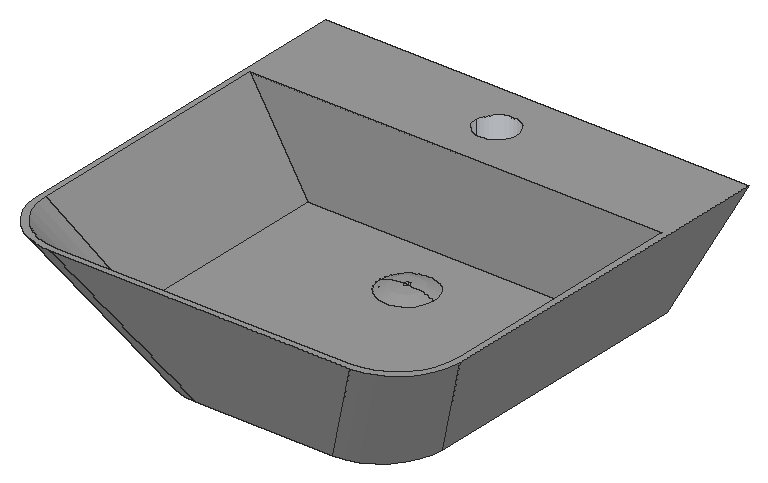
Revit family "L.CRONIO", category Plumbing Fixtures, Revit 2014
Reference planes
  plane 1 "Center (Front/Back)": y = 0
  plane 2: z = 0
  plane 3 "Center (Left/Right)": x = 0
Forms (mm)
  Blend 1, solid
    base sketch origin (0, 0, 0) x (1, 0, 0) y (0, 1, 0)
      loop
        line (-127.5, 207.5) -> (-127.5, -67.5)
        arc (-127.5, -67.5) -> (-109.926, -109.926) -> (-67.5, -127.5) r 60
        line (-67.5, -127.5) -> (67.5, -127.5)
        arc (67.5, -127.5) -> (109.926, -109.926) -> (127.5, -67.5) r 60
        line (127.5, -67.5) -> (127.5, 207.5) -> (-127.5, 207.5)
    top sketch origin (0, 0, 0) x (1, 0, 0) y (0, 1, 0)
      loop
        line (-207.5, 207.5) -> (-207.5, -147.5)
        arc (-207.5, -147.5) -> (-189.926, -189.926) -> (-147.5, -207.5) r 60
        line (-147.5, -207.5) -> (147.5, -207.5)
        arc (147.5, -207.5) -> (189.926, -189.926) -> (207.5, -147.5) r 60
        line (207.5, -147.5) -> (207.5, 207.5) -> (-207.5, 207.5)
    from 0 to 140
  Blend 2, void
    base sketch origin (0, 0, 0) x (1, 0, 0) y (0, 1, 0)
      loop
        line (-145.5, 107.5) -> (-145.5, -97.5)
        arc (-145.5, -97.5) -> (-131.441, -131.441) -> (-97.5, -145.5) r 48
        line (-97.5, -145.5) -> (97.5, -145.5)
        arc (97.5, -145.5) -> (131.441, -131.441) -> (145.5, -97.5) r 48
        line (145.5, -97.5) -> (145.5, 107.5) -> (-145.5, 107.5)
    top sketch origin (0, 0, 0) x (1, 0, 0) y (0, 1, 0)
      loop
        line (-202.5, 107.5) -> (-202.5, -142.5)
        arc (-202.5, -142.5) -> (-184.926, -184.926) -> (-142.5, -202.5) r 60
        line (-142.5, -202.5) -> (142.5, -202.5)
        arc (142.5, -202.5) -> (184.926, -184.926) -> (202.5, -142.5) r 60
        line (202.5, -142.5) -> (202.5, 107.5) -> (-202.5, 107.5)
    from 45.303 to 140
  Extrusion 3, void
    sketch origin (0, 0, 0) x (1, 0, 0) y (0, 1, 0)
      loop
        circle (0, 157.5) r 20
      loop
        circle (0, 47.5) r 22
    from 0 to 250
  Revolve 4, solid
    sketch origin (0, 47.5, 0) x (1, 0, 0) y (0, 0, 1)
      loop
        arc (26.811, 45.303) -> (15.216, 49.04) -> (3.1, 50.303) r 58.721
        line (3.1, 50.303) -> (0, 50.303) -> (0, 45.303) -> (26.811, 45.303)
      axis (0, 45.303) -> (0, 50.303)
    angle from 0 to 360
Cuts and joins
  Blend 2, Extrusion 3 cuts Blend 1
Dimensions and locks
  aligned and locked: level to plane 2
